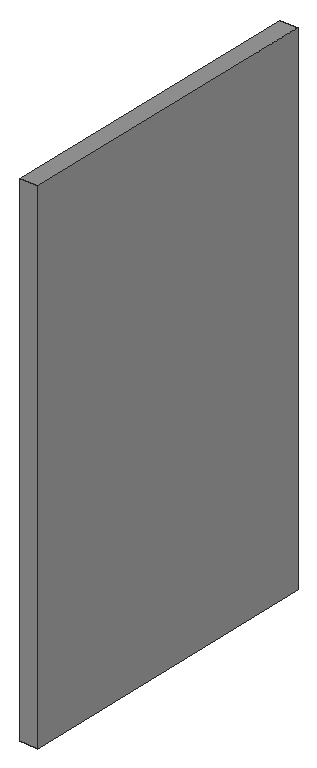
Revit family "Haworth_ComposeStorage_Supports", category Furniture Systems, Revit 2018
Family settings
  Round Connector Dimension = Use Diameter
  Part Type = Normal
  OmniClass Number = 23.40.70.14.64.21
  OmniClass Title = Systems Furniture
  Work Plane-Based = No
  Always vertical = Yes
  Cut with Voids When Loaded = No
  Shared = No
  Room Calculation Point = No
Parameters (values of type "28h 18w")
  Width = 1"
  Warranty = "http://www.haworth.com/resources/product-info/warranties"
  URL - Product = "http://www.haworth.com/products/storage/cabinets-towers/compose"
  URL = "www.haworth.com"
  Sustainability Info = "http://media.haworth.com/asset/2999/Compose%20PEDS.pdf"
  Size = "Verify Final Dim. w/ Haworth"  # constant formula
  Revision Number = "4"  # constant formula
  Model = "ZxFS"  # constant formula
  Manufacturer = "Haworth"  # constant formula
  Height = 28"
  Description = "Haworth - Compose Storage Supports"  # constant formula
  Depth = 18"
  Custom Size = yes
  Base Finish = Haworth _ Wood _ Undecided _ Storage
  Author = "SHAPE Environments, LLC"  # constant formula
  Assembly Code = ""
  Actual Width = 1"
  Actual Height = 28"
  Actual Depth = 18"
Reference planes (in)
  plane 1 "Back": y = -3.25
  plane 2: z = 0
  plane 3 "Center L/R": x = 6.5
  plane 4 "Bottom": z = 0
  plane 5 "Top": z = 28
  plane 6 "Left": x = 6
  plane 7 "Right": x = 7
  plane 8 "Front": y = -21.25
  plane 9 "Inside Right": x = 6
  plane 10 "Inside Left": x = 7
Forms (in)
  Extrusion 1, solid, material "Haworth _ Wood _ Undecided _ Storage" <- "Base Finish"
    sketch origin (0, 0, 0) x (1, 0, 0) y (0, 1, 0)
      loop
        line (6, -3.25) -> (6, -21.25) -> (7, -21.25) -> (7, -3.25) -> (6, -3.25)
    from 0 to 28
Lines and regions (in)
  Masking region 1
    outline origin (0, 0, 0) x (1, 0, 0) y (0, 1, 0)
      loop
        line (6, -3.25) -> (6, -21.25) -> (7, -21.25) -> (7, -3.25) -> (6, -3.25)
Dimensions and locks (in)
  "Actual Height": plane 5 "Top" to plane 4 "Bottom"
  "Actual Width": plane 7 "Right" to plane 6 "Left"
  "Actual Depth": plane 8 "Front" to plane 1 "Back"
  locked: plane 10 "Inside Left" to plane 6 "Left" at 1
  locked: plane 7 "Right" to plane 9 "Inside Right" at 1
  plane 4 "Bottom" to level = 0"
  aligned and locked: plane 7 "Right" to Masking region 1 sketch curve
  aligned and locked: plane 8 "Front" to Masking region 1 sketch curve
  aligned and locked: Masking region 1 sketch curve to plane 6 "Left"
  aligned and locked: plane 1 "Back" to Masking region 1 sketch curve
  aligned and locked: Extrusion 1 sketch curve to plane 9 "Inside Right"
  aligned and locked: plane 10 "Inside Left" to Extrusion 1 sketch curve
  aligned and locked: plane 1 "Back" to Extrusion 1 sketch curve
  aligned and locked: plane 8 "Front" to Extrusion 1 sketch curve
  aligned and locked: plane 5 "Top" to Extrusion 1
  aligned and locked: Extrusion 1 to plane 4 "Bottom"
